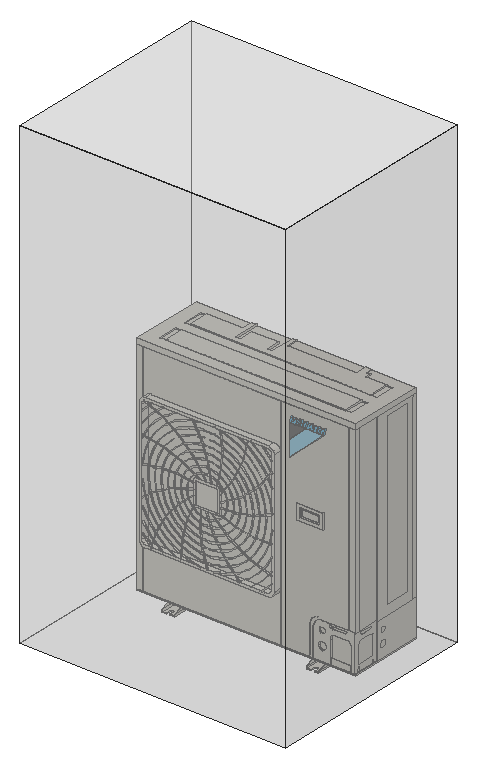
Revit family "outputfile", category 機械設備, Revit 2024
Family settings
  丸型コネクタ寸法 = 半径を使用
  種別 = なし
  パーツ タイプ = 標準
  OmniClass 番号 = 23.75.10.24.21.27.27
  OmniClass タイトル = Split System Air Conditioning Units
  作業面ベース = いいえ
  常に垂直 = はい
  ロード時にボイドで切り取り = いいえ
  注釈の向きを維持 = いいえ
  共有 = いいえ
  部屋計算ポイント = いいえ
Parameters (values of type "RZFG140AY14")
  Description = ""
  書き出し IFC クラス(タイプ) = "IfcUnitaryEquipmentType"
  定義済み IFC タイプ(タイプ) = "AIRCONDITIONINGUNIT"
  Cost = 0
  Type Comments = ""
  Keynote = ""
  Type Image = (empty or 0)
  Assembly Code = ""
  switch_unit1_140 = yes
  switch_frequency = yes
  lw_logo = 280.0 mm  # constant formula
  製造元 = "Daikin"
  モデル = "RZFG140AY14"
  lh_logo = 900.0 mm  # constant formula
  h_mountinghole = [h_***] + 1.6 mm  # 1.6 mm
  connector_voltage = Voltage_50Hz  # 400 V
  connector_powerinput = [Power Input (Cooling)]  # 5.460 kW
  connector_phase = Phase_50Hz  # 3
  angle_refrigetant2 [instance] = if(and(switch_unit1_140, Bottom Connection_refrigerant), 0.00°, if(and(switch_unit1_140, Front Connection_refrigerant), 0.00°, if(and(switch_unit1_140, Rear Connection_refrigerant), 180.00°, 90.00°)))  # 0.00°
  angle_refrigetant1 [instance] = if(and(switch_unit1_140, Bottom Connection_refrigerant), 0.00°, 90.00°)  # 90.00°
  angle_powersupply [instance] = if(and(switch_unit1_140, Rear Connection_powersupply), 180.00°, if(and(switch_unit1_140, Right Connection_powersupply), 90.00°, 0.00°))  # 0.00°
  r_Liquid Pipe Size = Liquid Pipe Size_Unit 1 / 2  # 4.75 mm
  r_Gas Pipe Size = Gas Pipe Size_Unit 1 / 2  # 7.95 mm
  l_powersupply [instance] = if(and(switch_unit1_140, Rear Connection_powersupply), 175.0 mm, if(and(switch_unit1_140, Front Connection_powersupply), 145.0 mm, 142.0 mm))  # 145.0 mm
  l_liquidpipe [instance] = if(and(switch_unit1_140, Front Connection_refrigerant), 37.0 mm, if(and(switch_unit1_140, Rear Connection_refrigerant), 283.0 mm, if(and(switch_unit1_140, Bottom Connection_refrigerant), 316.0 mm, 91.0 mm)))  # 37.0 mm
  l_gaspipe [instance] = if(and(switch_unit1_140, Bottom Connection_refrigerant), 315.0 mm, if(and(switch_unit1_140, Side Connection_refrigerant), 38.0 mm, if(and(switch_unit1_140, Front Connection_refrigerant), 55.0 mm, 265.0 mm)))  # 55.0 mm
  Voltage_comment_50Hz = "380 - 415"
  Voltage_50Hz = 400 V
  URL = ""
  Sound Power Level (dB) = 0
  Side Connection_refrigerant [instance] = no
  Right Connection_powersupply [instance] = no
  Rear Connection_refrigerant [instance] = no
  Rear Connection_powersupply [instance] = no
  Phase_50Hz = 3
  Minimum Circuit Amps_50Hz = 13.4 A
  Maximum Fuse Amps_50Hz = 16.0 A
  Material_Heat Exchanger = DAIKIN_Blue_HE_outdoorunit
  Material_Casing = DAIKIN_IvoryWhite_Casing_outdoorunit
  lw_powersupply [instance] = if(and(switch_unit1_140, Rear Connection_powersupply), 418.0 mm, if(and(switch_unit1_140, Front Connection_powersupply), 328.0 mm, 328.0 mm))  # 328.0 mm
  lw_liquidpipe [instance] = if(and(switch_unit1_140, or(Rear Connection_refrigerant, Bottom Connection_refrigerant)), 408.0 mm, 379.0 mm)  # 379.0 mm
  lw_gaspipe [instance] = 432.0 mm  # constant formula
  lh_powersupply [instance] = if(and(switch_unit1_140, Rear Connection_powersupply), [h_***] + 223.0 mm, if(and(switch_unit1_140, Right Connection_powersupply), [h_***] + 84.0 mm, 89.0 mm))  # 89.0 mm
  lh_liquidpipe [instance] = if(and(switch_unit1_140, Bottom Connection_refrigerant), [h_***] + 340.0 mm, [h_***] + 90.0 mm)  # 90.0 mm
  lh_gaspipe [instance] = if(and(switch_unit1_140, Bottom Connection_refrigerant), [h_***] + 339.0 mm, [h_***] + 90.0 mm)  # 90.0 mm
  ld_powersupply [instance] = 145.0 mm  # constant formula
  ld_liquidpipe [instance] = 37.0 mm  # constant formula
  ld_gaspipe [instance] = 55.0 mm  # constant formula
  h_*** = 0.0 mm  # constant formula
  Width = 940.0 mm
  Version = "ver.1.0"
  Unit Type = "R32 Cooling Only Inverter"
  Unit Mass Weight = 62.00 kg
  Unit Designation [instance] = ""
  Uniclass2015Version = "Products v1.30"
  Uniclass2015Title = "Split coil room air conditioning units"
  Uniclass2015Code = "Pr_70_65_03_86"
  Total Cooling Capacity [instance] = 0.000 kW
  Sound Pressure Level (dBA) = 56
  Series = "SkyAir_Condensing Unit"
  Refrigerant_Base Charge = 1.350 kg
  Refrigerant_Additional Charge [instance] = 0.000 kg
  Refrigerant Type = "R32"
  Power Input (Cooling) = 5.460 kW
  Option Accessory 3 [instance] = ""
  Option Accessory 2 [instance] = ""
  Option Accessory 1 [instance] = ""
  Nominal Cooling Capacity = 14.070 kW
  Nominal Airflow = 4901.67 m³/h
  Load Classification = HVAC
  Liquid Pipe Size_Unit 1 = 9.5 mm
  Link_Nested Family [instance] = ""
  IfcVersion = ""
  IfcExportType = "AIRCONDITIONINGUNIT"
  IfcExportAs = "IfcUnitaryEquipmentType"
  Height = 990.0 mm
  Heat Exchanger Type = "Micro Channel"
  Gas Pipe Size_Unit 1 = 15.9 mm
  Front Connection_refrigerant [instance] = yes
  Front Connection_powersupply [instance] = yes
  Frequency_50Hz = 50 Hz
  Fan Type = "Propeller Fan"
  Fan Drive = "Direct Drive"
  Depth = 320.0 mm
  既定の高さ = 0.0 mm
  Cooling Ambient Wet Bulb Temperature [instance] = 0.00 °C
  Cooling Ambient Dry Bulb Temperature [instance] = 0.00 °C
  Compressor Type = "Hermetically Sealed Swing Type"
  Clearance visibility [instance] = yes
  Clearance Top = 1000.0 mm
  Clearance Right = 100.0 mm
  Clearance Rear = 100.0 mm
  Clearance Left = 100.0 mm
  Clearance Front = 500.0 mm
  Clearance Bottom = 0.0 mm
  CU Tag No. [instance] = ""
  Bottom Connection_refrigerant [instance] = no
Reference planes
  plane 1 "Center (Front/Back)": y = 0
  plane 2 "h_***": z = 0
  plane 3 "Center (Left/Right)": x = 0
  plane 4 "Back": y = 160
  plane 5 "Front": y = -160
  plane 6 "Left": x = -470
  plane 7 "Right": x = 470
  plane 8 "Top": z = 990
  plane 9 "Clearance Rear": y = 260
  plane 10 "Clearance Front": y = -660
  plane 11 "Clearance Left": x = -570
  plane 12 "Clearance Right": x = 570
  plane 13 "Clearance Top": z = 1990
  plane 14 "Clearance Bottom": z = 0
  plane 15 "Bottom": z = 0
  plane 16 "lw_powersupply": x = 328
  plane 17 "ld_powersupply": y = -15
  plane 18 "lw_liquidpipe": x = 379
  plane 19 "Rear Connection_refrigetant": y = -123
  plane 20 "Front Connection_refrigetant/Rear Connection_refrigetant/Bottom Connection_refrigetant/Right Connection_refrigetant": x = 432
  plane 21 "ld_gaspipe": y = -105
  plane 22 "lh_logo": z = 900
  plane 23 "lw_logo": x = 190
Dimensions and locks
  equal spacing: plane 4 "Back", plane 1 "Center (Front/Back)", plane 5 "Front"
  "Depth": plane 4 "Back" to plane 5 "Front"
  equal spacing: plane 6 "Left", plane 3 "Center (Left/Right)", plane 7 "Right"
  "Width": plane 6 "Left" to plane 7 "Right"
  "Clearance Rear": plane 9 "Clearance Rear" to plane 4 "Back"
  "Clearance Front": plane 10 "Clearance Front" to plane 5 "Front"
  "Clearance Left": plane 11 "Clearance Left" to plane 6 "Left"
  "Clearance Right": plane 7 "Right" to plane 12 "Clearance Right"
  "Clearance Top": plane 13 "Clearance Top" to plane 8 "Top"
  "h_***": plane 15 "Bottom" to plane 2 "h_***"
  "Height": plane 8 "Top" to plane 15 "Bottom"
  "Clearance Bottom": plane 15 "Bottom" to plane 14 "Clearance Bottom"
  "lw_powersupply": plane 3 "Center (Left/Right)" to plane 16 "lw_powersupply"
  "ld_powersupply": plane 17 "ld_powersupply" to plane 5 "Front"
  "lw_liquidpipe": plane 3 "Center (Left/Right)" to plane 18 "lw_liquidpipe"
  "ld_liquidpipe": plane 19 "Rear Connection_refrigetant" to plane 5 "Front"
  "lw_gaspipe": plane 3 "Center (Left/Right)" to plane 20 "Front Connection_refrigetant/Rear Connection_refrigetant/Bottom Connection_refrigetant/Right Connection_refrigetant"
  "ld_gaspipe": plane 21 "ld_gaspipe" to plane 5 "Front"
  "lw_logo": plane 23 "lw_logo" to plane 7 "Right"
  "lh_logo": plane 22 "lh_logo" to plane 15 "Bottom"
  aligned and locked: level to plane 2 "h_***"
  aligned and locked: plane 9 "Clearance Rear" to nested 1
  aligned and locked: nested 1 to plane 10 "Clearance Front"
  aligned and locked: plane 11 "Clearance Left" to nested 1
  aligned and locked: plane 12 "Clearance Right" to nested 1
  aligned and locked: plane 13 "Clearance Top" to nested 1
  aligned and locked: plane 14 "Clearance Bottom" to nested 1
  aligned and locked: nested 4 to plane 22 "lh_logo"
  aligned and locked: plane 3 "Center (Left/Right)" to nested 5
  aligned and locked: plane 1 "Center (Front/Back)" to nested 5
  aligned and locked: plane 15 "Bottom" to nested 5
  aligned and locked: plane 18 "lw_liquidpipe" to nested 2
  aligned and locked: nested 2 to plane 19 "Rear Connection_refrigetant"
  aligned and locked: nested 3 to plane 21 "ld_gaspipe"
  aligned and locked: plane 20 "Front Connection_refrigetant/Rear Connection_refrigetant/Bottom Connection_refrigetant/Right Connection_refrigetant" to nested 3
  aligned and locked: nested 4 to plane 23 "lw_logo"
  aligned and locked: plane 5 "Front" to nested 4
  aligned and locked: plane 16 "lw_powersupply" to nested 10
  aligned and locked: nested 10 to plane 17 "ld_powersupply"
Nested families
  nested 1: "daikin_clearancespace" at (0, -200, 995.119), visible <- "Clearance visibility", show <- "Clearance visibility", Link_Nested Family <- "Link_Nested Family", type "daikin_clearancespace"
    with width 1140.0 mm, show yes, height 1990.0 mm, depth 920.0 mm, Link_Nested Family ""
  nested 2: "daikin_connector_rotate3" at (379, -123, 90), angle_vertical <- "angle_refrigetant1", angle_horizontal <- "angle_refrigetant2", length <- "l_liquidpipe", built-in parameter 1001364 <- "lh_liquidpipe", radius <- "r_Liquid Pipe Size", type "daikin_connector_rotate3"
    with show no, radius 4.75 mm, length 37.0 mm, angle_vertical 90.00°, angle_horizontal 0.00°
  nested 3: "daikin_connector_rotate3" at (432, -105, 90), radius <- "r_Gas Pipe Size", angle_vertical <- "angle_refrigetant1", angle_horizontal <- "angle_refrigetant2", built-in parameter 1001364 <- "lh_gaspipe", length <- "l_gaspipe", type "daikin_connector_rotate3"
    with show no, radius 7.95 mm, length 55.0 mm, angle_vertical 90.00°, angle_horizontal 0.00°
  nested 4: "daikin_logo_elevation_w150" at (280, -160, 744.568), type "daikin_logo_elevation_w150"
    with show_logo yes
  nested 5: "DAIKIN_outdoorunit_RZFG-AY14" at (-51, 0, 0), Link_Nest <- "Link_Nested Family", h_mountinghole <- "h_mountinghole", h_*** <- "h_***", material <- "Material_Casing", type "RZFG-AY14"
    with show_fixedhole yes, material DAIKIN_IvoryWhite_Casing_outdoorunit, h_mountinghole 1.6 mm, h_antenna_mountinghole 989.4 mm, h_*** 0.0 mm, Width 940.0 mm, Link_Nest ""
  nested 6: "daikin_mountinghole" at (-310, 175, 0), type "daikin_mountinghole"
    with show yes, l_antenna 989.4 mm, h_mountinghole 1.6 mm, Link_Nested Family ""
  nested 7: "daikin_mountinghole" at (310, 175, 0), type "daikin_mountinghole"
    with show yes, l_antenna 989.4 mm, h_mountinghole 1.6 mm, Link_Nested Family ""
  nested 8: "daikin_mountinghole" at (310, -175, 0), type "daikin_mountinghole"
    with show yes, l_antenna 989.4 mm, h_mountinghole 1.6 mm, Link_Nested Family ""
  nested 9: "daikin_mountinghole" at (-310, -175, 0), type "daikin_mountinghole"
    with show yes, l_antenna 989.4 mm, h_mountinghole 1.6 mm, Link_Nested Family ""
  nested 10: "daikin_connector_rotate3" at (328, -15, 89), built-in parameter 1001364 <- "lh_powersupply", angle_horizontal <- "angle_powersupply", length <- "l_powersupply", type "daikin_connector_rotate3"
    with show no, radius 10.0 mm, length 145.0 mm, angle_vertical 90.00°, angle_horizontal 0.00°
Connectors
  piping at (379, -160, 90), diameter 9.5, driven by "r_Liquid Pipe Size"
    settings: on nested 2, index 8, connector inside diameter 609.6 mm, connector length 0.0 mm, flow factor 0, pipe flow 0.00 m³/h, pressure drop 0.0 Pa, fitting loss kfactor 0, connector angle 0.00°, fixture units 0, engagement length 0.0 mm, angle of deflection 0.00°, flow configuration 0, flow direction 2, fitting loss method 0, system type 29, joint type 0, gender type 0, connector reference index -1, connector utility 0, adjustable connector no, is connector primary no, connector description "Refrigerant Liquid Piping"
  piping at (432, -160, 90), diameter 15.9, driven by "r_Gas Pipe Size"
    settings: on nested 3, index 9, connector inside diameter 609.6 mm, connector length 0.0 mm, flow factor 0, pipe flow 0.00 m³/h, pressure drop 0.0 Pa, fitting loss kfactor 0, connector angle 0.00°, fixture units 0, engagement length 0.0 mm, angle of deflection 0.00°, flow configuration 0, flow direction 1, fitting loss method 0, system type 29, joint type 0, gender type 0, connector reference index -1, connector utility 0, adjustable connector no, is connector primary yes, connector description "Refrigerant Gas Piping"
  electrical at (328, -160, 89), driven by "Load Classification", driven by "connector_voltage", driven by "connector_powerinput", driven by "connector_phase"
    settings: on nested 10, index 10, voltage 400 V, apparent load 5460 VA, apparent load phase1 0 VA, apparent load phase2 0 VA, apparent load phase3 0 VA, power factor 1, load classification "HVAC", number of poles 3, system type 30, power factor state 1, is connector primary yes, connector utility no, sub classification motor no, connector description "Power Supply"
Definition of nested family "daikin_clearancespace"
  Parameters (values of type "daikin_clearancespace")
    Description = "daikin_clearancespace"
    width [instance] = 1823.963 mm
    show [instance] = yes
    material = none
    height [instance] = 1359.762 mm
    depth [instance] = 880.0 mm
    Default Elevation = 0.0 mm
    Link_Nested Family [instance] = ""
  Reference planes
    plane 1 "Center (Front/Back)": y = 0
    plane 2 "Center (Elevation)": z = -0.119
    plane 3 "Center (Left/Right)": x = 0
    plane 4: y = 440
    plane 5: y = -440
    plane 6 "Right": x = 911.982
    plane 7 "Left": x = -911.982
    plane 8 "Top": z = 679.762
    plane 9 "Bottom": z = -680
  Forms (mm)
    Extrusion 1, solid, material <- "material", visible <- "show"
      sketch origin (0, 0, 0) x (1, 0, 0) y (0, 1, 0)
        loop
          line (-911.982, 440) -> (-911.982, -440) -> (911.982, -440) -> (911.982, 440) -> (-911.982, 440)
      from -680 to 679.762
  Lines and regions (mm)
    symbolic lines, visible <- "show"
      curve 1: line (911.982, 440, 0) -> (-911.982, 440, 0)
      curve 2: line (-911.982, 440, 0) -> (-911.982, -440, 0)
      curve 3: line (-911.982, -440, 0) -> (911.982, -440, 0)
      curve 4: line (911.982, -440, 0) -> (911.982, 440, 0)
      curve 5: line (911.982, 0, 679.762) -> (-911.982, 0, 679.762)
      curve 6: line (911.982, 0, -680) -> (911.982, 0, 679.762)
      curve 7: line (-911.982, 0, -680) -> (911.982, 0, -680)
      curve 8: line (-911.982, 0, 679.762) -> (-911.982, 0, -680)
      curve 9: line (0, 440, 679.762) -> (0, -440, 679.762)
      curve 10: line (0, -440, 679.762) -> (0, -440, -680)
      curve 11: line (0, 440, -680) -> (0, 440, 679.762)
      curve 12: line (0, -440, -680) -> (0, 440, -680)
  Dimensions and locks
    "width": plane 7 "Left" to plane 6 "Right"
    "depth": plane 4 to plane 5
    "height": plane 8 "Top" to plane 9 "Bottom"
    equal spacing: plane 7 "Left", plane 3 "Center (Left/Right)", plane 6 "Right"
    equal spacing: plane 4, plane 1 "Center (Front/Back)", plane 5
    equal spacing: plane 8 "Top", plane 2 "Center (Elevation)", plane 9 "Bottom"
    aligned and locked: level to plane 2 "Center (Elevation)"
    aligned and locked: Extrusion 1 sketch curve to plane 4
    aligned and locked: plane 7 "Left" to Extrusion 1 sketch curve
    aligned and locked: Extrusion 1 sketch curve to plane 5
    aligned and locked: Extrusion 1 sketch curve to plane 6 "Right"
    aligned and locked: plane 8 "Top" to Extrusion 1
    aligned and locked: curve 1 to Extrusion 1
    aligned and locked: curve 2 to Extrusion 1
    aligned and locked: curve 3 to Extrusion 1
    aligned and locked: curve 4 to Extrusion 1
    aligned and locked: curve 5 to Extrusion 1
    aligned and locked: curve 6 to Extrusion 1
    aligned and locked: curve 7 to Extrusion 1
    aligned and locked: curve 8 to Extrusion 1
    aligned and locked: curve 9 to Extrusion 1
    aligned and locked: curve 10 to Extrusion 1
    aligned and locked: curve 11 to Extrusion 1
    aligned and locked: curve 12 to Extrusion 1
    aligned and locked: Extrusion 1 to plane 9 "Bottom"
Definition of nested family "daikin_logo_elevation_w150"
  Parameters (values of type "daikin_logo_elevation_w150")
    width = 150.0 mm
    show_logo [instance] = yes
    material = none
    height = 180.0 mm
    depth = 5.0 mm
    Default Elevation = 0.0 mm
  Reference planes
    plane 1 "Center (Front/Back)": y = 0
    plane 2: z = 0
    plane 3 "Center (Left/Right)": x = 0
    plane 4 "top": z = 180
    plane 5: z = 155.432
    plane 6 "left": x = -90
    plane 7 "right": x = 60
    plane 8: y = -5
  Forms (mm)
    Extrusion 1, solid, visible <- "show_logo"
      sketch origin (0, 0, 0) x (1, 0, 0) y (0, 0, 1)
        loop
          line (-90, 22.832) -> (54.211, 155.432) -> (-19.804, 155.432) -> (-90, 91.131) -> (-90, 22.832)
      from 0 to 5
    Extrusion 2, solid, visible <- "show_logo"
      sketch origin (0, 0, 0) x (1, 0, 0) y (0, 0, 1)
        loop
          line (-90, 155.432) -> (-90, 91.131) -> (-19.804, 155.432) -> (-90, 155.432)
      from 0 to 5
    Extrusion 3, solid, visible <- "show_logo"
      sketch origin (0, 0, 0) x (1, 0, 0) y (0, 0, 1)
        loop
          line (-73.294, 180) -> (-84.431, 180) -> (-90, 157.726) -> (-73.294, 157.726)
          arc (-73.294, 157.726) -> (-66.673, 159.069) -> (-61.582, 163.51) r 13.209
          arc (-61.582, 163.51) -> (-59.344, 169.288) -> (-60.109, 175.436) r 12.685
          arc (-60.109, 175.436) -> (-61.683, 177.678) -> (-64.031, 179.088) r 6.606
          arc (-64.031, 179.088) -> (-68.629, 179.878) -> (-73.294, 180) r 32.396
        loop
          line (-78.863, 162.18) -> (-74.408, 162.18)
          arc (-74.408, 162.18) -> (-70.986, 164.473) -> (-69.002, 168.082) r 8.708
          arc (-69.002, 168.082) -> (-68.734, 170.84) -> (-69.386, 173.533) r 8.337
          arc (-69.386, 173.533) -> (-70.358, 174.487) -> (-71.624, 174.988) r 3.442
          line (-71.624, 174.988) -> (-76.078, 174.988) -> (-78.863, 162.18)
        loop
          line (-61.043, 157.726) -> (-54.918, 157.726) -> (-52.829, 161.624) -> (-44.059, 161.624) -> (-43.223, 157.726) -> (-33.2, 157.726) -> (-37.655, 180) -> (-48.792, 180) -> (-61.043, 157.726)
        loop
          line (-50.145, 166.635) -> (-45.133, 166.635) -> (-46.565, 173.318) -> (-50.145, 166.635)
        loop
          line (-24.847, 180) -> (-30.416, 157.726) -> (-20.949, 157.726) -> (-15.38, 180) -> (-24.847, 180)
        loop
          line (-15.38, 157.726) -> (-5.914, 157.726) -> (-4.4, 163.779) -> (0.212, 157.726) -> (11.906, 157.726) -> (2.996, 169.42) -> (15.804, 180) -> (5.78, 180) -> (-1.94, 173.623) -> (-0.345, 180) -> (-9.812, 180) -> (-15.38, 157.726)
        loop
          line (20.259, 180) -> (14.133, 157.726) -> (24.157, 157.726) -> (29.725, 180) -> (20.259, 180)
        loop
          line (29.725, 157.726) -> (36.408, 157.726) -> (39.555, 170.315) -> (43.647, 157.726) -> (54.784, 157.726) -> (60.353, 180) -> (53.671, 180) -> (50.281, 166.442) -> (45.874, 180) -> (35.294, 180) -> (29.725, 157.726)
      from 0 to 5
  Dimensions and locks
    "height": plane 4 "top" to plane 2
    locked: plane 4 "top" to plane 5 at 24.568
    "width": plane 6 "left" to plane 7 "right"
    "depth": plane 8 to plane 1 "Center (Front/Back)"
    aligned and locked: level to plane 2
    aligned and locked: plane 4 "top" to Extrusion 3  (x8)
    aligned and locked: plane 5 to Extrusion 1
    aligned and locked: plane 5 to Extrusion 2
    aligned and locked: plane 6 "left" to Extrusion 2
    aligned and locked: plane 6 "left" to Extrusion 1
    aligned and locked: Extrusion 3 to plane 8
    aligned and locked: Extrusion 1 to plane 8
    aligned and locked: Extrusion 2 to plane 8
  Automatic sketch dimensions
    level to Extrusion 1 sketch curve = 22.832 mm
    Extrusion 1 sketch curve to Extrusion 1 sketch curve = 68.298 mm
    Extrusion 1 sketch curve to plane 4 "top" = 24.568 mm
    Extrusion 1 sketch curve to plane 3 "Center (Left/Right)" = 19.804 mm
    Extrusion 2 sketch curve to plane 4 "top" = 24.568 mm
    Extrusion 2 sketch curve to plane 3 "Center (Left/Right)" = 19.804 mm
    Extrusion 2 sketch curve to Extrusion 2 sketch curve = 64.302 mm
    Extrusion 3 sketch curve to plane 4 "top" = 0.0 mm  (x8)
    Extrusion 3 sketch curve to plane 4 "top" = 0.912 mm
    Extrusion 3 sketch curve to Extrusion 3 sketch curve = 2.154 mm
    Extrusion 3 sketch curve to Extrusion 3 sketch curve = 6.245 mm
    Extrusion 3 sketch curve to plane 4 "top" = 4.564 mm
    Extrusion 3 sketch curve to Extrusion 3 sketch curve = 5.748 mm
    Extrusion 3 sketch curve to Extrusion 3 sketch curve = 2.001 mm
    Extrusion 3 sketch curve to Extrusion 3 sketch curve = 4.603 mm
    Extrusion 3 sketch curve to Extrusion 3 sketch curve = 0.59 mm
    Extrusion 3 sketch curve to Extrusion 3 sketch curve = 0.07 mm
    Extrusion 3 sketch curve to Extrusion 3 sketch curve = 1.49 mm
    Extrusion 3 sketch curve to plane 4 "top" = 5.012 mm
    Extrusion 3 sketch curve to Extrusion 3 sketch curve = 3.556 mm
    Extrusion 3 sketch curve to Extrusion 3 sketch curve = 5.569 mm  (x3)
    Extrusion 3 sketch curve to Extrusion 3 sketch curve = 0.309 mm
    Extrusion 3 sketch curve to Extrusion 3 sketch curve = 4.455 mm  (x4)
    Extrusion 3 sketch curve to Extrusion 3 sketch curve = 0.288 mm
    Extrusion 3 sketch curve to Extrusion 3 sketch curve = 0.689 mm
    Extrusion 3 sketch curve to Extrusion 3 sketch curve = 2.238 mm
    Extrusion 3 sketch curve to Extrusion 3 sketch curve = 4.528 mm
    Extrusion 3 sketch curve to Extrusion 3 sketch curve = 0.658 mm
    Extrusion 3 sketch curve to Extrusion 3 sketch curve = 2.931 mm
    Extrusion 3 sketch curve to Extrusion 3 sketch curve = 0.357 mm
    Extrusion 3 sketch curve to Extrusion 3 sketch curve = 0.101 mm
    Extrusion 3 sketch curve to Extrusion 3 sketch curve = 11.317 mm
    Extrusion 3 sketch curve to Extrusion 3 sketch curve = 0.539 mm
    Extrusion 3 sketch curve to Extrusion 3 sketch curve = 11.137 mm  (x2)
    Extrusion 3 sketch curve to Extrusion 3 sketch curve = 5.784 mm
    Extrusion 3 sketch curve to Extrusion 3 sketch curve = 10.024 mm  (x3)
    Extrusion 3 sketch curve to Extrusion 3 sketch curve = 0.835 mm
    Extrusion 3 sketch curve to Extrusion 3 sketch curve = 8.771 mm
    Extrusion 3 sketch curve to Extrusion 3 sketch curve = 2.088 mm
    Extrusion 3 sketch curve to Extrusion 3 sketch curve = 3.898 mm
    Extrusion 3 sketch curve to plane 4 "top" = 6.682 mm
    Extrusion 3 sketch curve to Extrusion 3 sketch curve = 2.227 mm  (x2)
    Extrusion 3 sketch curve to Extrusion 3 sketch curve = 2.685 mm
    Extrusion 3 sketch curve to plane 4 "top" = 13.365 mm
    Extrusion 3 sketch curve to Extrusion 3 sketch curve = 5.012 mm
    Extrusion 3 sketch curve to Extrusion 3 sketch curve = 12.808 mm
    Extrusion 3 sketch curve to Extrusion 3 sketch curve = 2.784 mm
    Extrusion 3 sketch curve to Extrusion 3 sketch curve = 9.467 mm  (x4)
    Extrusion 3 sketch curve to Extrusion 3 sketch curve = 0.0 mm  (x5)
    Extrusion 3 sketch curve to Extrusion 3 sketch curve = 5.568 mm  (x2)
    Extrusion 3 sketch curve to plane 3 "Center (Left/Right)" = 0.345 mm
    Extrusion 3 sketch curve to plane 3 "Center (Left/Right)" = 1.94 mm
    Extrusion 3 sketch curve to plane 4 "top" = 6.377 mm
    plane 3 "Center (Left/Right)" to Extrusion 3 sketch curve = 5.78 mm
    plane 3 "Center (Left/Right)" to Extrusion 3 sketch curve = 2.996 mm
    Extrusion 3 sketch curve to Extrusion 3 sketch curve = 4.203 mm
    plane 3 "Center (Left/Right)" to Extrusion 3 sketch curve = 11.906 mm
    Extrusion 3 sketch curve to Extrusion 3 sketch curve = 11.694 mm
    plane 3 "Center (Left/Right)" to Extrusion 3 sketch curve = 0.212 mm
    Extrusion 3 sketch curve to plane 3 "Center (Left/Right)" = 4.4 mm
    Extrusion 3 sketch curve to Extrusion 3 sketch curve = 6.053 mm
    Extrusion 3 sketch curve to plane 3 "Center (Left/Right)" = 5.914 mm
    Extrusion 3 sketch curve to Extrusion 3 sketch curve = 10.581 mm
    Extrusion 3 sketch curve to plane 4 "top" = 13.558 mm
    Extrusion 3 sketch curve to Extrusion 3 sketch curve = 4.406 mm
    Extrusion 3 sketch curve to Extrusion 3 sketch curve = 7.796 mm
    Extrusion 3 sketch curve to Extrusion 3 sketch curve = 6.682 mm  (x2)
    Extrusion 3 sketch curve to Extrusion 3 sketch curve = 4.503 mm
    Extrusion 3 sketch curve to Extrusion 3 sketch curve = 8.716 mm
    Extrusion 3 sketch curve to Extrusion 3 sketch curve = 6.634 mm
    Extrusion 3 sketch curve to plane 4 "top" = 9.685 mm
    Extrusion 3 sketch curve to Extrusion 3 sketch curve = 4.261 mm
    Extrusion 3 sketch curve to Extrusion 3 sketch curve = 1.67 mm
    Extrusion 3 sketch curve to Extrusion 3 sketch curve = 8.353 mm
    Extrusion 1 sketch curve to plane 3 "Center (Left/Right)" = 90.0 mm
    Extrusion 2 sketch curve to Extrusion 2 sketch curve = 70.196 mm
    plane 3 "Center (Left/Right)" to Extrusion 1 sketch curve = 54.211 mm
Definition of nested family "DAIKIN_outdoorunit_RZFG-AY14"
  Parameters (values of type "RZFC-AXVM")
    w1 = 612.0 mm  # constant formula
    switch_unit1_140 = yes
    show_fixedhole [instance] = yes
    material_heatexchanger = none
    material_casing = none
    material [instance] = none
    ld_hole1_bottom = 154.0 mm  # constant formula
    h_mountinghole [instance] = 4.0 mm
    h_antenna_mountinghole [instance] = 989.4 mm  # constant formula
    h_*** [instance] = 0.0 mm
    h1 = 23.0 mm  # constant formula
    f = 22.0 mm  # constant formula
    e = 160.0 mm  # constant formula
    d = 160.0 mm  # constant formula
    c = 15.0 mm  # constant formula
    b = 28.0 mm  # constant formula
    lw_Unit = 326.0 mm  # constant formula
    Width [instance] = 940.0 mm  # constant formula
    Link_Nest [instance] = ""
    L1 = 118.0 mm  # constant formula
    Height = 990.0 mm  # constant formula
    Depth = 320.0 mm  # constant formula
    Default Elevation = 0.0 mm
    lh_Unit = 507.0 mm  # constant formula
  Reference planes
    plane 1 "Center (Front/Back)": y = 0
    plane 2 "reference_level": z = 0
    plane 3 "Center (Left/Right)": x = 51
    plane 4 "Back": y = 190
    plane 5 "Front": y = -190
    plane 6 "Bottom": z = 0
    plane 7: x = 521
    plane 8: x = -419
    plane 9: y = 160
    plane 10: y = -160
    plane 11: z = 990
    plane 12: y = 175
    plane 13: y = -175
    plane 14 "fixedhole": x = 361
    plane 15: z = 968
    plane 16: y = -145
    plane 17: y = 145
    plane 18: x = -404
    plane 19: x = 506
    plane 20: z = 958
    plane 21: x = -259
    plane 22: z = 28
    plane 23: z = 24
    plane 24 "lw_Unit": x = -93
    plane 25: z = 507
    plane 26 "unit1_1": x = -93
    plane 27: y = 28.5
    plane 28: z = 51
    plane 29: z = 61
    plane 30 "lw_array_wiremesh": x = -261.5
    plane 31 "lh_array_wiremesh": z = 920.5
    plane 32 "L3": z = 51
    plane 33 "L1": x = -301
    plane 34 "L2": x = 311
    plane 35: z = 27
  Forms (mm)
    Extrusion 1, solid, material <- "material_heatexchanger"
      sketch origin (0, 0, 0) x (1, 0, 0) y (0, 1, 0)
        loop
          line (-404, 145) -> (-404, -145) -> (506, -145) -> (506, 145) -> (-404, 145)
      from 28 to 968
    Extrusion 2, solid, material <- "material_casing"
      sketch origin (0, 0, 0) x (1, 0, 0) y (0, 1, 0)
        loop
          line (-301, 160) -> (-301, 145) -> (311, 145) -> (311, 160) -> (-301, 160)
      from 28 to 51
    Extrusion 3, solid, material <- "material_casing"
      sketch origin (0, 0, 0) x (1, 0, 0) y (0, 1, 0)
        loop
          line (-419, 160) -> (-419, -160) -> (521, -160) -> (521, 160) -> (-419, 160)
      from 24 to 28
    Extrusion 4, void
      sketch origin (0, 0, 0) x (1, 0, 0) y (0, 1, 0)
        loop
          line (505, -144) -> (505, -86) -> (434, -86) -> (434, -144) -> (505, -144)
      from 24 to 27
  Cuts and joins
    Extrusion 4 cuts Extrusion 1
    Extrusion 4 cuts Extrusion 3
  Dimensions and locks
    locked: plane 4 "Back" to plane 9 at 30
    plane 10 to plane 5 "Front" = 30.0 mm
    "e": plane 14 "fixedhole" to plane 7
    equal spacing: plane 8, plane 3 "Center (Left/Right)", plane 7
    "Width": plane 8 to plane 7
    "f": plane 11 to plane 15
    "Depth": plane 10 to plane 9
    equal spacing: plane 9, plane 1 "Center (Front/Back)", plane 10
    locked: plane 17 to plane 9 at 15
    locked: plane 16 to plane 10 at 15
    locked: plane 8 to plane 18 at 15
    locked: plane 19 to plane 7 at 15
    locked: plane 15 to plane 20 at 10
    "c": plane 12 to plane 9
    "d": plane 8 to plane 21
    "c": plane 10 to plane 13
    locked: plane 10 to plane 5 "Front" at 30
    "h_***": plane 6 "Bottom" to plane 2 "reference_level"
    "b": plane 22 to plane 6 "Bottom"
    "Height": plane 11 to plane 6 "Bottom"
    locked: plane 22 to plane 23 at 4
    "lw_Unit": plane 24 "lw_Unit" to plane 8
    "lh_Unit": plane 25 to plane 6 "Bottom"
    locked: plane 27 to plane 9 at 131.5
    locked: plane 28 to plane 22 at 23
    locked: plane 28 to plane 29 at 10
    locked: plane 11 to plane 31 "lh_array_wiremesh" at 69.5
    locked: plane 8 to plane 30 "lw_array_wiremesh" at 157.5
    "L1": plane 8 to plane 33 "L1"
    "w1": plane 33 "L1" to plane 34 "L2"
    "h1": plane 32 "L3" to plane 22
    plane 16 to Extrusion 4 sketch curve to Extrusion 4 sketch curve = 1.0 mm locked, 58.0 mm locked
    Extrusion 4 sketch curve to Extrusion 4 sketch curve to plane 19 = 71.0 mm locked, 1.0 mm locked
    locked: plane 35 to plane 23 at 3
    aligned and locked: level to plane 2 "reference_level"
    aligned and locked: plane 17 to nested 2
    aligned and locked: plane 19 to nested 1
    aligned and locked: plane 21 to nested 3
    aligned and locked: nested 3 to plane 12
    aligned and locked: nested 4 to plane 12
    aligned and locked: plane 14 "fixedhole" to nested 4
    aligned and locked: nested 5 to plane 13
    aligned and locked: plane 14 "fixedhole" to nested 5
    aligned and locked: nested 2 to plane 8
    aligned and locked: plane 7 to nested 6
    aligned and locked: plane 10 to nested 6
    aligned and locked: plane 24 "lw_Unit" to plane 26 "unit1_1"
    aligned and locked: plane 22 to nested 2
    aligned and locked: plane 16 to nested 7
    aligned and locked: nested 7 to plane 22
    aligned and locked: nested 1 to plane 17
    aligned and locked: plane 18 to Extrusion 1 sketch curve
    aligned and locked: plane 17 to Extrusion 1 sketch curve
    aligned and locked: plane 16 to Extrusion 1 sketch curve
    aligned and locked: plane 15 to Extrusion 1
    aligned and locked: nested 8 to plane 7
    aligned and locked: plane 9 to nested 8
    aligned and locked: plane 22 to nested 8
    aligned and locked: plane 22 to nested 1
    aligned and locked: plane 10 to nested 9
    aligned and locked: plane 8 to nested 9
    aligned and locked: nested 9 to plane 11
    aligned and locked: nested 10 to plane 13
    aligned and locked: plane 21 to nested 10
    aligned and locked: nested 11 to plane 21
    aligned and locked: nested 12 to plane 1 "Center (Front/Back)"
    aligned and locked: nested 11 to plane 1 "Center (Front/Back)"
    aligned and locked: plane 6 "Bottom" to nested 11
    aligned and locked: plane 6 "Bottom" to nested 12
    aligned and locked: nested 12 to plane 14 "fixedhole"
    aligned and locked: plane 19 to Extrusion 1 sketch curve
    aligned and locked: plane 22 to nested 6
    aligned and locked: plane 7 to nested 7
    aligned and locked: Extrusion 1 to plane 19
    aligned and locked: nested 13 to plane 10
    aligned and locked: plane 24 "lw_Unit" to nested 13
    aligned and locked: plane 25 to nested 13
    aligned and locked: plane 8 to nested 14
    aligned and locked: nested 14 to plane 22
    aligned and locked: plane 32 "L3" to Extrusion 2
    aligned and locked: Extrusion 2 to plane 22
    aligned and locked: Extrusion 2 to plane 34 "L2"
    aligned and locked: plane 33 "L1" to Extrusion 2
    aligned and locked: plane 22 to Extrusion 3
    aligned and locked: Extrusion 3 to plane 23
    aligned and locked: Extrusion 1 to nested 1
    aligned and locked: nested 14 to plane 16
    aligned and locked: Extrusion 4 to plane 23
    aligned and locked: plane 35 to Extrusion 4
    aligned and locked: cut or joined group of Extrusion 3, Extrusion 4 to plane 10
    aligned and locked: cut or joined group of Extrusion 3, Extrusion 4 to plane 9
    aligned and locked: cut or joined group of Extrusion 3, Extrusion 4 to plane 8
    aligned and locked: plane 7 to Extrusion 3
    aligned and locked: plane 22 to nested 15
    aligned and locked: nested 15 to plane 8
    aligned and locked: nested 15 to plane 10
  Automatic sketch dimensions
    plane 17 to Extrusion 2 sketch curve = 0.0 mm
    plane 9 to Extrusion 2 sketch curve = 0.0 mm
    Extrusion 2 sketch curve to plane 21 = 42.0 mm
    Extrusion 2 sketch curve to plane 14 "fixedhole" = 50.0 mm
    Extrusion 3 sketch curve to plane 8 = 0.0 mm
    plane 7 to Extrusion 3 sketch curve = 0.0 mm
    Extrusion 3 sketch curve to plane 10 = 0.0 mm
    Extrusion 3 sketch curve to plane 9 = 0.0 mm
  Nested families
    nested 1: "outdoorunit_rightpanel1" at (513.5, -145, 28) x (0, 1, 0) z (0, 0, 1), material <- "material_casing", type "frontpanel1"
      with material none
    nested 2: "outdoorunit_backpanel2" at (-301, 152.5, 28) x (-1, 0, 0) z (0, 0, 1), material <- "material_casing", type "frontpanel2"
      with material none
    nested 3: "daikin_mountinghole" at (-259, 175, 0), visible <- "show_fixedhole", Link_Nested Family <- "Link_Nest", l_antenna <- "h_antenna_mountinghole", h_mountinghole <- "h_mountinghole", type "daikin_mountinghole"
      with show yes, l_antenna 989.4 mm, h_mountinghole 4.0 mm, Link_Nested Family ""
    nested 4: "daikin_mountinghole" at (361, 175, 0), visible <- "show_fixedhole", Link_Nested Family <- "Link_Nest", l_antenna <- "h_antenna_mountinghole", h_mountinghole <- "h_mountinghole", type "daikin_mountinghole"
      with show yes, l_antenna 989.4 mm, h_mountinghole 4.0 mm, Link_Nested Family ""
    nested 5: "daikin_mountinghole" at (361, -175, 0), visible <- "show_fixedhole", Link_Nested Family <- "Link_Nest", l_antenna <- "h_antenna_mountinghole", h_mountinghole <- "h_mountinghole", type "daikin_mountinghole"
      with show yes, l_antenna 989.4 mm, h_mountinghole 4.0 mm, Link_Nested Family ""
    nested 6: "outdoorunit_rightpanel2" at (201, -152.5, 28), material <- "material_casing", type "frontpanel2"
      with material none
    nested 7: "outdoorunit_frontpanel2" at (201, -152.5, 28), material <- "material_casing", type "frontpanel2"
      with material none
    nested 8: "outdoorunit_backpanel3" at (521, 152.5, 28) x (-1, 0, 0) z (0, 0, 1), material <- "material_casing", type "frontpanel3"
      with material none
    nested 9: "outdoorunit_uppanel1" at (-324, -140, 970.75) x (1, 0, 0) z (0, 1, 0), material <- "material_casing", type "frontpanel1"
      with material none
    nested 10: "daikin_mountinghole" at (-259, -175, 0), visible <- "show_fixedhole", Link_Nested Family <- "Link_Nest", l_antenna <- "h_antenna_mountinghole", h_mountinghole <- "h_mountinghole", type "daikin_mountinghole"
      with show yes, l_antenna 989.4 mm, h_mountinghole 4.0 mm, Link_Nested Family ""
    nested 11: "outdoorunit_3" at (-259, 0, 0) x (-1, 0, 0) z (0, 0, 1), material <- "material_casing", type "frontpanel2"
      with material none, switch_unit1 yes
    nested 12: "outdoorunit_3" at (361, 0, 0) x (-1, 0, 0) z (0, 0, 1), material <- "material_casing", type "frontpanel2"
      with material none, switch_unit1 yes
    nested 13: "outdoorunit_front1" at (-93, -160, 507), material <- "material_casing", type "front1"
      with material none
    nested 14: "outdoorunit_leftpanel" at (-411.5, 125, 28) x (0, -1, 0) z (0, 0, 1), material <- "material_casing", type "frontpanel"
      with material none
    nested 15: "outdoorunit_frontpanel3" at (-109, -145, 28), material <- "material_casing", type "frontpanel1"
      with material none
  Definition of nested family "outdoorunit_rightpanel1"
    Parameters (values of type "frontpanel1")
      width = 290.0 mm
      switch_unit1_140 = yes
      material [instance] = none
      height1 = 940.0 mm
      depth = 15.0 mm
      a = 153.0 mm
      Default Elevation = 0.0 mm
    Reference planes
      plane 1 "Center (Front/Back)": y = 0
      plane 2 "Bottom": z = 0
      plane 3: x = 0
      plane 4 "Back": y = 7.5
      plane 5 "Front": y = -7.5
      plane 6: x = 290
      plane 7 "Top": z = 940
      plane 8 "Left": x = 0
      plane 9: y = -5.75
      plane 10: y = -1.5
      plane 11: y = -10.5
      plane 12 "Center L/S": z = 153
      plane 13: x = 99.8
      plane 14: x = 149.196
      plane 15: x = 252.196
      plane 16: z = 921.75
      plane 17: z = 202.774
    Forms (mm)
      Extrusion 1, solid, material <- "material", visible <- "switch_unit1_140"
        sketch origin (0, 0, 0) x (1, 0, 0) y (0, 1, 0)
          loop
            line (0, 7.5) -> (0, -7.5) -> (290, -7.5) -> (290, 7.5) -> (0, 7.5)
        from 0 to 940
      Extrusion 2, void
        sketch origin (0, 0, 0) x (1, 0, 0) y (0, 0, 1)
          loop
            line (0, 940) -> (0, 153) -> (99.8, 153) -> (99.8, 940) -> (0, 940)
        from 1.5 to 10.5
      Extrusion 3, void
        sketch origin (0, 0, 0) x (1, 0, 0) y (0, 0, 1)
          loop
            line (290, 0) -> (290, 153) -> (0, 153) -> (0, 0) -> (290, 0)
        from -7.5 to 10.5
      Extrusion 4, solid, material <- "material", visible <- "switch_unit1_140"
        sketch origin (0, 0, 0) x (1, 0, 0) y (0, 0, 1)
          loop
            line (149.196, 921.75) -> (149.196, 202.774) -> (252.196, 202.774) -> (252.196, 921.75) -> (149.196, 921.75)
        from 7.5 to 10.5
    Cuts and joins
      Extrusion 2, Extrusion 3 cuts Extrusion 1
    Dimensions and locks
      equal spacing: plane 4 "Back", plane 1 "Center (Front/Back)", plane 5 "Front"
      "depth": plane 4 "Back" to plane 5 "Front"
      "width": plane 8 "Left" to plane 6
      "height1": plane 7 "Top" to plane 2 "Bottom"
      "a": plane 12 "Center L/S" to plane 2 "Bottom"
      locked: plane 5 "Front" to plane 11 at 3
      locked: plane 13 to plane 8 "Left" at 99.8
      locked: plane 14 to plane 8 "Left" at 149.196
      locked: plane 15 to plane 8 "Left" at 252.196
      locked: plane 17 to plane 12 "Center L/S" at 49.774
      locked: plane 7 "Top" to plane 16 at 18.25
      aligned and locked: level to plane 2 "Bottom"
      aligned and locked: plane 8 "Left" to Extrusion 1 sketch curve
      aligned and locked: Extrusion 1 sketch curve to plane 4 "Back"
      aligned and locked: plane 5 "Front" to Extrusion 1 sketch curve
      aligned and locked: Extrusion 1 to plane 2 "Bottom"
      aligned and locked: plane 7 "Top" to Extrusion 1
      aligned and locked: plane 3 to plane 8 "Left"
      aligned and locked: plane 5 "Front" to Extrusion 4
      aligned and locked: Extrusion 4 to plane 11
      aligned and locked: plane 2 "Bottom" to Extrusion 3 sketch curve
      aligned and locked: Extrusion 3 sketch curve to plane 8 "Left"
      aligned and locked: Extrusion 3 sketch curve to plane 6
      aligned and locked: Extrusion 2 to plane 11
      aligned and locked: plane 12 "Center L/S" to cut or joined group of Extrusion 1, Extrusion 2, Extrusion 3
      aligned and locked: cut or joined group of Extrusion 1, Extrusion 2, Extrusion 3 to plane 12 "Center L/S"  (x2)
      aligned and locked: plane 10 to Extrusion 2
      aligned and locked: Extrusion 2 sketch curve to plane 7 "Top"
      aligned and locked: plane 12 "Center L/S" to Extrusion 2 sketch curve
      aligned and locked: plane 8 "Left" to Extrusion 2 sketch curve
      aligned and locked: Extrusion 2 sketch curve to plane 13
      aligned and locked: plane 17 to Extrusion 4 sketch curve
      aligned and locked: Extrusion 4 sketch curve to plane 16
      aligned and locked: Extrusion 4 sketch curve to plane 15
      aligned and locked: plane 14 to Extrusion 4 sketch curve
      aligned and locked: plane 4 "Back" to Extrusion 3
      aligned and locked: Extrusion 3 to Extrusion 2
    Automatic sketch dimensions
      Extrusion 1 sketch curve to plane 6 = 0.0 mm
      Extrusion 3 sketch curve to plane 12 "Center L/S" = 0.0 mm
  Definition of nested family "outdoorunit_backpanel2"
    Parameters (values of type "frontpanel2")
      width = 118.0 mm
      switch_unit1_140 = yes
      material [instance] = none
      height1 = 940.0 mm
      depth = 15.0 mm
      b = 23.0 mm
      a = 40.0 mm
      Default Elevation = 0.0 mm
    Reference planes
      plane 1 "Center (Front/Back)": y = 0
      plane 2 "Bottom": z = 0
      plane 3: x = 0
      plane 4 "Back": y = 7.5
      plane 5 "Front": y = -7.5
      plane 6: x = 118
      plane 7 "Top": z = 940
      plane 8 "Left": x = 0
      plane 9: y = 2.5
      plane 10: z = 23
      plane 11: x = 78
    Forms (mm)
      Extrusion 1, solid, material <- "material", visible <- "switch_unit1_140"
        sketch origin (0, 0, 0) x (1, 0, 0) y (0, 1, 0)
          loop
            line (0, 7.5) -> (0, -7.5) -> (118, -7.5) -> (118, 7.5) -> (0, 7.5)
        from 0 to 940
      Extrusion 2, void
        sketch origin (0, 0, 0) x (1, 0, 0) y (0, 0, 1)
          loop
            line (0, 940) -> (0, 23) -> (78, 23) -> (78, 940) -> (0, 940)
        from 0 to 7.5
    Cuts and joins
      Extrusion 2 cuts Extrusion 1
    Dimensions and locks
      equal spacing: plane 4 "Back", plane 1 "Center (Front/Back)", plane 5 "Front"
      "depth": plane 4 "Back" to plane 5 "Front"
      "width": plane 8 "Left" to plane 6
      "height1": plane 7 "Top" to plane 2 "Bottom"
      "b": plane 10 to plane 2 "Bottom"
      plane 9 to plane 5 "Front" = 10.0 mm
      "a": plane 11 to plane 6
      aligned and locked: level to plane 2 "Bottom"
      aligned and locked: plane 8 "Left" to Extrusion 1 sketch curve
      aligned and locked: Extrusion 1 sketch curve to plane 4 "Back"
      aligned and locked: plane 5 "Front" to Extrusion 1 sketch curve
      aligned and locked: Extrusion 1 to plane 2 "Bottom"
      aligned and locked: plane 7 "Top" to Extrusion 1
      aligned and locked: plane 3 to plane 8 "Left"
      aligned and locked: Extrusion 2 to plane 1 "Center (Front/Back)"
      aligned and locked: Extrusion 2 to plane 5 "Front"
      aligned and locked: plane 11 to Extrusion 2
      aligned and locked: Extrusion 2 to plane 3
      aligned and locked: plane 4 "Back" to cut or joined group of Extrusion 1, Extrusion 2
      aligned and locked: cut or joined group of Extrusion 1, Extrusion 2 to plane 5 "Front"
      aligned and locked: plane 11 to cut or joined group of Extrusion 1, Extrusion 2
      aligned and locked: plane 6 to cut or joined group of Extrusion 1, Extrusion 2
      aligned and locked: cut or joined group of Extrusion 1, Extrusion 2 to plane 8 "Left"
      aligned and locked: cut or joined group of Extrusion 1, Extrusion 2 to plane 1 "Center (Front/Back)"
      aligned and locked: plane 7 "Top" to cut or joined group of Extrusion 1, Extrusion 2
    Automatic sketch dimensions
      Extrusion 1 sketch curve to plane 6 = 0.0 mm
      Extrusion 2 sketch curve to plane 3 = 0.0 mm
      Extrusion 2 sketch curve to plane 10 = 0.0 mm
      Extrusion 2 sketch curve to plane 7 "Top" = 0.0 mm
      Extrusion 2 sketch curve to plane 6 = 40.0 mm
  Definition of nested family "outdoorunit_rightpanel2"
    Parameters (values of type "frontpanel2")
      width = 320.0 mm
      switch_unit1_140 = yes
      material [instance] = none
      height1 = 158.5 mm
      depth = 15.0 mm
      c = 5.5 mm
      b = 25.0 mm  # constant formula
      a = 184.0 mm
      Default Elevation = 0.0 mm
    Reference planes
      plane 1 "Center (Front/Back)": y = 0
      plane 2 "Bottom": z = 0
      plane 3: x = 0
      plane 4 "Back": y = 7.5
      plane 5 "Front": y = -7.5
      plane 6: x = 320
      plane 7 "Top": z = 158.5
      plane 8 "Left": x = 0
      plane 9: z = 639
      plane 10: x = 317
      plane 11: x = 314
      plane 12: y = -4.5
      plane 13: x = 311
      plane 14: y = 312.5
      plane 15: y = 309.5
      plane 16: y = 306.5
      plane 17: y = 303.5
      plane 18 "Center L/S": y = 107.3
      plane 19: y = 297.5
      plane 20: z = 153
    Forms (mm)
      Extrusion 1, solid, material <- "material", visible <- "switch_unit1_140"
        sketch origin (0, 0, 0) x (1, 0, 0) y (0, 1, 0)
          loop
            line (136, 7.5) -> (136, -7.5) -> (320, -7.5) -> (320, 312.5) -> (220, 312.5) -> (220, 297.5) -> (305, 297.5) -> (305, 7.5) -> (136, 7.5)
        from 0 to 158.5
      Extrusion 2, void
        sketch origin (0, 0, 0) x (1, 0, 0) y (0, 0, 1)
          loop
            arc (301, 99.2) -> (294.908, 113.908) -> (280.2, 120) r 20.8
            line (280.2, 120) -> (232.8, 120)
            arc (232.8, 120) -> (218.092, 113.908) -> (212, 99.2) r 20.8
            line (212, 99.2) -> (212, 25) -> (301, 25) -> (301, 99.2)
          loop
            circle (178, 121) r 13.5
          loop
            circle (178, 61) r 17
          loop
            line (221.71, 138.5) -> (271.741, 138.5)
            arc (271.741, 138.5) -> (281.994, 142.747) -> (286.241, 153) r 14.5
            line (286.241, 153) -> (207.21, 153)
            arc (207.21, 153) -> (211.457, 142.747) -> (221.71, 138.5) r 14.5
        from 4.5 to 7.5
      Extrusion 3, void
        sketch origin (0, 0, 0) x (1, 0, 0) y (0, 0, 1)
          loop
            line (178, 158.5) -> (178, 175.375) -> (128, 175.375) -> (128, 116.5) -> (136, 116.5)
            arc (136, 116.5) -> (148.302, 146.198) -> (178, 158.5) r 42
        from -7.5 to 7.5
      Extrusion 4, void
        sketch origin (0, 0, 0) x (1, 0, 0) y (0, 0, 1)
          loop
            line (262, 158.5) -> (262, 198.5) -> (185, 198.5) -> (185, 116.5) -> (220, 116.5)
            arc (220, 116.5) -> (232.302, 146.198) -> (262, 158.5) r 42
        from -312.5 to -297.5
      Extrusion 5, void
        sketch origin (0, 0, 0) x (0, 1, 0) y (0, 0, 1)
          loop
            arc (31.5, 120) -> (17.358, 114.142) -> (11.5, 100) r 20
            line (11.5, 100) -> (11.5, 25) -> (91.5, 25) -> (91.5, 100)
            arc (91.5, 100) -> (85.642, 114.142) -> (71.5, 120) r 20
            line (71.5, 120) -> (31.5, 120)
        from 311 to 314
      Extrusion 6, void
        sketch origin (0, 0, 0) x (1, 0, 0) y (0, 1, 0)
          loop
            line (320, -7.5) -> (320, 107.3) -> (314, 107.3) -> (314, -7.5) -> (320, -7.5)
        from 0 to 250
      Extrusion 7, void
        sketch origin (0, 0, 0) x (0, 1, 0) y (0, 0, 1)
          loop
            arc (21.3, 148.281) -> (25.591, 137.922) -> (35.95, 133.631) r 14.65
            line (35.95, 133.631) -> (73.513, 133.631)
            arc (73.513, 133.631) -> (83.873, 137.922) -> (88.163, 148.281) r 14.65
            line (88.163, 148.281) -> (21.3, 148.281)
        from 311 to 314
      Extrusion 8, void
        sketch origin (0, 0, 0) x (0, 1, 0) y (0, 0, 1)
          loop
            circle (137.5, 111) r 13.5
          loop
            circle (137.5, 56) r 17
        from 317 to 320
      Extrusion 9, void
        sketch origin (0, 0, 0) x (1, 0, 0) y (0, 0, 1)
          loop
            line (287, 120) -> (260, 120)
            arc (260, 120) -> (245.858, 114.142) -> (240, 100) r 20
            line (240, 100) -> (240, 25) -> (307, 25) -> (307, 100)
            arc (307, 100) -> (301.142, 114.142) -> (287, 120) r 20
        from -312.5 to -309.5
      Extrusion 10, void
        sketch origin (0, 0, 0) x (1, 0, 0) y (0, 0, 1)
          loop
            line (301, 3) -> (301, 20.5)
            arc (301, 20.5) -> (299.5, 22) -> (298, 20.5) r 1.5
            line (298, 20.5) -> (298, 3) -> (301, 3)
          loop
            line (215, 3) -> (215, 20.5)
            arc (215, 20.5) -> (213.5, 22) -> (212, 20.5) r 1.5
            line (212, 20.5) -> (212, 3) -> (215, 3)
        from 4.5 to 7.5
      Extrusion 11, solid, material <- "material", visible <- "switch_unit1_140"
        sketch origin (0, 0, 0) x (0, 1, 0) y (0, 0, 1)
          loop
            line (11.5, 2) -> (14.5, 2) -> (14.5, 19.5)
            arc (14.5, 19.5) -> (13, 21) -> (11.5, 19.5) r 1.5
            line (11.5, 19.5) -> (11.5, 2)
          loop
            line (88.3, 2) -> (91.3, 2) -> (91.3, 19.5)
            arc (91.3, 19.5) -> (89.8, 21) -> (88.3, 19.5) r 1.5
            line (88.3, 19.5) -> (88.3, 2)
        from 311 to 314
      Extrusion 12, void
        sketch origin (0, 0, 0) x (1, 0, 0) y (0, 0, 1)
          loop
            line (304, 3) -> (307, 3) -> (307, 20.5)
            arc (307, 20.5) -> (305.5, 22) -> (304, 20.5) r 1.5
            line (304, 20.5) -> (304, 3)
          loop
            line (240, 3) -> (243, 3) -> (243, 20.5)
            arc (243, 20.5) -> (241.5, 22) -> (240, 20.5) r 1.5
            line (240, 20.5) -> (240, 3)
        from -309.5 to -312.5
      Extrusion 13, void
        sketch origin (0, 0, 0) x (0, 1, 0) y (0, 0, 1)
          loop
            line (297.5, 153) -> (297.5, 158.5) -> (7.5, 158.5) -> (7.5, 153) -> (297.5, 153)
        from 305 to 320
    Cuts and joins
      Extrusion 2, Extrusion 3, Extrusion 4, Extrusion 5, Extrusion 6, Extrusion 7, Extrusion 8, Extrusion 9, Extrusion 10, Extrusion 12, Extrusion 13 cuts Extrusion 1
    Dimensions and locks
      equal spacing: plane 4 "Back", plane 1 "Center (Front/Back)", plane 5 "Front"
      "depth": plane 4 "Back" to plane 5 "Front"
      "width": plane 8 "Left" to plane 6
      "height1": plane 7 "Top" to plane 2 "Bottom"
      locked: plane 9 to plane 2 "Bottom" at 639
      locked: plane 10 to plane 6 at 3
      locked: plane 11 to plane 10 at 3
      locked: plane 13 to plane 11 at 3
      locked: plane 5 "Front" to Extrusion 8 sketch curve at 145  (x2)
      locked: plane 14 to plane 5 "Front" at 320
      locked: plane 14 to plane 15 at 3
      locked: plane 15 to plane 16 at 3
      locked: plane 16 to plane 17 at 3
      locked: plane 6 to Extrusion 2 sketch curve at 142  (x2)
      locked: Extrusion 2 sketch curve to plane 2 "Bottom" at 61
      locked: Extrusion 2 sketch curve to Extrusion 2 sketch curve at 60
      locked: Extrusion 8 sketch curve to plane 2 "Bottom" at 56
      locked: Extrusion 8 sketch curve to Extrusion 8 sketch curve at 55
      "a": Extrusion 1 sketch curve to plane 6
      locked: Extrusion 3 sketch curve to Extrusion 3 sketch curve at 50
      locked: Extrusion 3 sketch curve to Extrusion 3 sketch curve at 58.875
      "a": plane 6 to Extrusion 3 sketch curve
      "b": Extrusion 2 sketch curve to plane 2 "Bottom"
      locked: Extrusion 2 sketch curve to Extrusion 2 sketch curve at 95
      locked: plane 2 "Bottom" to Extrusion 5 sketch curve at 25
      locked: Extrusion 5 sketch curve to Extrusion 5 sketch curve at 95
      locked: plane 5 "Front" to Extrusion 5 sketch curve at 19
      locked: plane 12 to plane 5 "Front" at 3
      locked: Extrusion 1 sketch curve to Extrusion 1 sketch curve at 15
      locked: plane 14 to Extrusion 1 sketch curve at 15
      locked: Extrusion 2 sketch curve to Extrusion 2 sketch curve at 89
      locked: Extrusion 2 sketch curve to plane 6 at 19
      Extrusion 10 sketch curve to plane 2 "Bottom" = 3.0 mm
      locked: Extrusion 11 sketch curve to plane 2 "Bottom" at 2  (x2)
      locked: Extrusion 11 sketch curve to Extrusion 11 sketch curve at 3  (x2)
      locked: Extrusion 11 sketch curve to plane 2 "Bottom" at 19.5  (x2)
      locked: Extrusion 9 sketch curve to Extrusion 9 sketch curve at 95
      locked: plane 2 "Bottom" to Extrusion 9 sketch curve at 25
      plane 6 to Extrusion 9 sketch curve to Extrusion 9 sketch curve = 13.0 mm locked, 67.0 mm locked
      plane 2 "Bottom" to Extrusion 12 sketch curve = 3.0 mm  (x2)
      locked: plane 2 "Bottom" to Extrusion 12 sketch curve at 20.5  (x2)
      locked: Extrusion 5 sketch curve to Extrusion 5 sketch curve at 80
      locked: plane 14 to plane 19 at 15
      plane 4 "Back" to plane 5 "Front" = 15.0 mm
      plane 5 "Front" to Extrusion 7 sketch curve to Extrusion 7 sketch curve = 28.8 mm locked, 66.863 mm locked
      locked: plane 7 "Top" to plane 20 at 5.5
      plane 20 to Extrusion 7 sketch curve to Extrusion 7 sketch curve = 4.719 mm locked, 14.65 mm locked
      Extrusion 2 sketch curve to Extrusion 2 sketch curve to plane 6 = 79.031 mm locked, 33.759 mm locked
      locked: Extrusion 2 sketch curve to Extrusion 2 sketch curve at 14.5
      "c": plane 7 "Top" to Extrusion 2 sketch curve
      radius of Extrusion 3 sketch curve = 42.0 mm
      aligned and locked: level to plane 2 "Bottom"
      aligned and locked: Extrusion 1 sketch curve to plane 4 "Back"
      aligned and locked: plane 5 "Front" to Extrusion 1 sketch curve
      aligned and locked: Extrusion 1 to plane 2 "Bottom"
      aligned and locked: plane 7 "Top" to Extrusion 1
      aligned and locked: plane 3 to plane 8 "Left"
      aligned and locked: plane 12 to Extrusion 2
      aligned and locked: plane 13 to Extrusion 7
      aligned and locked: Extrusion 5 to Extrusion 7
      aligned and locked: Extrusion 1 sketch curve to plane 6
      aligned and locked: plane 6 to Extrusion 6 sketch curve
      aligned and locked: plane 12 to Extrusion 10
      aligned and locked: Extrusion 10 to plane 5 "Front"
      aligned and locked: plane 4 "Back" to Extrusion 3
      aligned and locked: Extrusion 2 to plane 5 "Front"
      aligned and locked: Extrusion 3 to plane 5 "Front"
      aligned and locked: plane 13 to Extrusion 5
      aligned and locked: plane 6 to Extrusion 8
      aligned and locked: Extrusion 6 sketch curve to plane 11
      aligned and locked: Extrusion 8 to plane 10
      aligned and locked: Extrusion 7 to plane 11
      aligned and locked: Extrusion 5 to plane 11
      aligned and locked: plane 14 to Extrusion 4
      aligned and locked: Extrusion 9 to plane 15
      aligned and locked: Extrusion 9 to Extrusion 4
      aligned and locked: plane 14 to Extrusion 12
      aligned and locked: Extrusion 4 to Extrusion 1
      aligned and locked: Extrusion 6 sketch curve to plane 18 "Center L/S"
      aligned and locked: plane 5 "Front" to Extrusion 6 sketch curve
      aligned and locked: Extrusion 13 sketch curve to cut or joined group 1 (Extrusion 1, Extrusion 2, Extrusion 3, Extrusion 4, Extrusion 5, Extrusion 6, Extrusion 7, Extrusion 8, Extrusion 9, Extrusion 10, Extrusion 12, Extrusion 13)
      aligned and locked: cut or joined group 1 to Extrusion 13 sketch curve
      aligned and locked: plane 19 to Extrusion 13 sketch curve
      aligned and locked: plane 6 to Extrusion 13
      aligned and locked: Extrusion 13 to Extrusion 1
    Automatic sketch dimensions
      plane 13 to Extrusion 9 sketch curve = 51.0 mm
      Extrusion 9 sketch curve to Extrusion 9 sketch curve = 27.0 mm
      plane 13 to Extrusion 10 sketch curve = 99.0 mm
      Extrusion 10 sketch curve to Extrusion 10 sketch curve = 1.5 mm  (x2)
      level to Extrusion 10 sketch curve = 3.0 mm
      plane 13 to Extrusion 10 sketch curve = 13.0 mm
      Extrusion 10 sketch curve to Extrusion 10 sketch curve = 17.5 mm  (x2)
      plane 13 to Extrusion 12 sketch curve = 71.0 mm
      Extrusion 12 sketch curve to Extrusion 12 sketch curve = 1.5 mm  (x2)
      plane 13 to Extrusion 12 sketch curve = 7.0 mm
      Extrusion 5 sketch curve to Extrusion 5 sketch curve = 20.0 mm  (x2)
      Extrusion 7 sketch curve to plane 7 "Top" = 10.219 mm
      plane 4 "Back" to Extrusion 11 sketch curve = 4.0 mm
      Extrusion 11 sketch curve to plane 18 "Center L/S" = 19.0 mm
      Extrusion 4 sketch curve to plane 7 "Top" = 0.0 mm
      Extrusion 4 sketch curve to plane 7 "Top" = 42.0 mm
      plane 13 to Extrusion 4 sketch curve = 49.0 mm
      plane 7 "Top" to Extrusion 4 sketch curve = 40.0 mm
      Extrusion 4 sketch curve to Extrusion 4 sketch curve = 35.0 mm
      Extrusion 13 sketch curve to plane 7 "Top" = 5.5 mm
      Extrusion 1 sketch curve to plane 14 = 0.0 mm
      Extrusion 1 sketch curve to Extrusion 1 sketch curve = 85.0 mm
      Extrusion 2 sketch curve to plane 20 = 0.0 mm
      Extrusion 2 sketch curve to Extrusion 2 sketch curve = 11.09 mm
      Extrusion 2 sketch curve to Extrusion 2 sketch curve = 20.8 mm
      Extrusion 2 sketch curve to Extrusion 2 sketch curve = 8.459 mm
      Extrusion 3 sketch curve to plane 7 "Top" = 0.0 mm
      radius of Extrusion 8 sketch curve = 13.5 mm
      radius of Extrusion 8 sketch curve = 17.0 mm
      radius of Extrusion 2 sketch curve = 13.5 mm
      radius of Extrusion 2 sketch curve = 17.0 mm
  Definition of nested family "outdoorunit_frontpanel2"
    Parameters (values of type "frontpanel2")
      width = 320.0 mm
      switch_unit1_140 = yes
      material [instance] = none
      height1 = 940.0 mm
      e = 42.0 mm
      depth = 15.0 mm
      d = 184.0 mm
      c = 158.5 mm
      b = 508.5 mm
      a = 69.5 mm
      Default Elevation = 0.0 mm
    Reference planes
      plane 1 "Center (Front/Back)": y = 0
      plane 2 "Bottom": z = 0
      plane 3: x = 0
      plane 4 "Back": y = 7.5
      plane 5 "Front": y = -7.5
      plane 6: x = 320
      plane 7 "Top": z = 940
      plane 8 "Left": x = 0
      plane 9: y = -4.5
      plane 10: y = -1.301
      plane 11: y = -10.5
      plane 12: z = 571.668
      plane 13: z = 508.5
      plane 14: x = 69.5
      plane 15: x = 180.5
      plane 16: y = -11.5
    Forms (mm)
      Extrusion 1, solid, material <- "material", visible <- "switch_unit1_140"
        sketch origin (0, 0, 0) x (1, 0, 0) y (0, 1, 0)
          loop
            line (0, 7.5) -> (0, -7.5) -> (320, -7.5) -> (320, 7.5) -> (0, 7.5)
        from 0 to 940
      Extrusion 2, void
        sketch origin (0, 0, 0) x (1, 0, 0) y (0, 0, 1)
          loop
            line (320, 0) -> (320, 158.5) -> (178, 158.5)
            arc (178, 158.5) -> (148.302, 146.198) -> (136, 116.5) r 42
            line (136, 116.5) -> (136, 0) -> (320, 0)
        from -7.5 to 10.5
      Extrusion 3, void
        sketch origin (0, 0, 5) x (1, 0, 0) y (0, 0, 1)
          loop
            line (161.869, 548.531) -> (86.171, 548.531) -> (86.171, 519.148) -> (161.869, 519.148) -> (161.869, 548.531)
        from 4.5 to 7.5
      Extrusion 4, solid, material <- "material", visible <- "switch_unit1_140"
        sketch origin (0, 0, 0) x (1, 0, 0) y (0, 0, 1)
          loop
            line (69.5, 571.668) -> (69.5, 508.5) -> (180.5, 508.5) -> (180.5, 571.668) -> (69.5, 571.668)
          loop
            line (169.339, 519.168) -> (169.339, 561.001) -> (80.693, 561.001) -> (80.693, 519.168) -> (169.339, 519.168)
        from 7.5 to 11.5
      Extrusion 5, void
        sketch origin (0, 0, 0) x (1, 0, 0) y (0, 0, 1)
          loop
            arc (293.999, 932.493) -> (292.459, 934.034) -> (290.918, 932.493) r 1.54
            line (290.918, 932.493) -> (290.918, 165.04)
            arc (290.918, 165.04) -> (292.459, 163.5) -> (293.999, 165.04) r 1.54
            line (293.999, 165.04) -> (293.999, 932.493)
          loop
            arc (280.451, 170.949) -> (282.001, 172.499) -> (280.451, 174.049) r 1.55
            line (280.451, 174.049) -> (178, 174.049)
            arc (178, 174.049) -> (137.306, 157.193) -> (120.45, 116.5) r 57.549
            line (120.45, 116.5) -> (120.45, 6.529)
            arc (120.45, 6.529) -> (122, 4.98) -> (123.549, 6.529) r 1.549
            line (123.549, 6.529) -> (123.549, 116.496)
            arc (123.549, 116.496) -> (139.497, 155) -> (178.001, 170.949) r 54.452
            line (178.001, 170.949) -> (280.451, 170.949)
        from 4.5 to 7.5
    Cuts and joins
      Extrusion 2, Extrusion 3, Extrusion 5 cuts Extrusion 1
      Extrusion 5 cuts Extrusion 4
    Dimensions and locks
      equal spacing: plane 4 "Back", plane 1 "Center (Front/Back)", plane 5 "Front"
